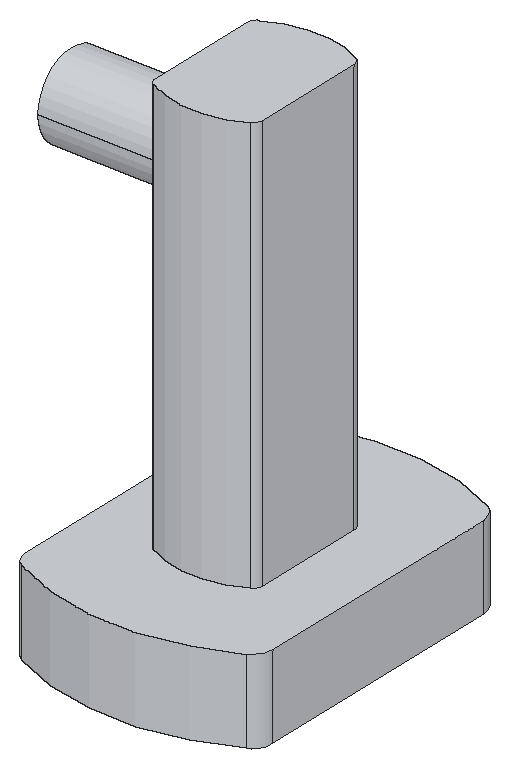
Revit family "01-2559-11 GANCHO METALICO (EVO) PORTOBELLO", category Plumbing Fixtures, host Face, Revit 2018
Family settings
  Host = Face
  Round Connector Dimension = Use Diameter
  Part Type = Normal
  OmniClass Number = 23.31.11.00
  Cut with Voids When Loaded = No
  Shared = No
  Room Calculation Point = No
Parameters (values of type "01-2559-11")
  Waste Water Outlet = ""
  Metal laton cromado = Metal Laton Cromado
  Link Ficha Tecnica = "http://infotecnica.gricol.com/FT_01255911.pdf"
  Waste Connection = 1 = 0  # no
  Vent Connection = 1 = 0  # no
  URL = "https://www.gricol.com/"
  Type Image = GANCHO METALICO (EVO) PORTOBELLO.jpg
  Product Name = "GANCHO METALICO (EVO) PORTOBELLO"  # constant formula
  Profundidad = 70.0 mm
  Ancho Soporte = 34.5 mm
  Alto Soporte = 50.0 mm
  Model = "01-2559-11"  # constant formula
  Manufacturer = "Gricol"  # constant formula
  HW Connection = 1 = 1  # yes
  Description = "Gancho "  # constant formula
  Default Elevation = 0.0 mm
  Date Modified = ""
  Date Created = "05/28/2020"  # constant formula
  Copyright = "All rights reserved © Gricol - 2020."  # constant formula
  CW Connection = 1 = 1  # yes
  Assembly Code = ""
Reference planes
  plane 1 "Center (Front/Back)": y = 0
  plane 2: z = 0
  plane 3 "Center (Left/Right)": x = 0
  plane 4: y = -24.787
  plane 5: y = 25.213
  plane 6: x = -17.25
  plane 7: x = 17.25
  plane 8: z = 70
Dimensions and locks
  "Alto Soporte": plane 4 to plane 5
  "Ancho Soporte": plane 7 to plane 6
  "Profundidad": plane 8 to level
  plane 8 to level = 70.0 mm
  aligned and locked: plane 2 to host face
  aligned and locked: level to host face
Automatic sketch dimensions
  host sketch curve to host sketch curve = 195.481 mm
  host sketch curve to host sketch curve = 152.647 mm
Nested families
  nested 1: "GANCHO METALICO (EVO) PORTOBELLO" at (0, 0.369, 0) x (-1, 0, 0) z (0, 0, 1), type "GANCHO METALICO (EVO) PORTOBELLO"
Definition of nested family "GANCHO METALICO (EVO) PORTOBELLO"
  Parameters (values of type "GANCHO METALICO (EVO) PORTOBELLO")
    Vaso Portacepillos = none
    Brazo Portacepillos = none
    Alto vaso = 95.0 mm
    Alto soporte = 70.0 mm
  Reference planes
    plane 1 "Center (Front/Back)": y = 0
    plane 2: z = 0
    plane 3 "Center (Left/Right)": x = 0
    plane 4: x = -17.25
    plane 5: z = 70
    plane 6: x = 17.25
    plane 7: y = 25.185
    plane 8: y = -24.815
  Forms (mm)
    Extrusion 1, solid
      sketch origin (15.587, 9.554, 75) x (0, -1, 0) y (0, 0, -1)
        loop
          circle (11.063, 18.085) r 5.88
      from -8.103 to 11.408
    Extrusion 2, solid
      sketch origin (12.885, 23.637, 0) x (-1, 0, 0) y (0, -1, 0)
        loop
          line (-4.365, 41.887) -> (-4.365, 5.018)
          arc (-4.365, 5.018) -> (-3.961, 3.514) -> (-2.857, 2.416) r 3
          arc (-2.857, 2.416) -> (12.885, -1.547) -> (28.628, 2.416) r 33.248
          arc (28.628, 2.416) -> (29.731, 3.514) -> (30.135, 5.018) r 3
          line (30.135, 5.018) -> (30.135, 41.887)
          arc (30.135, 41.887) -> (29.731, 43.391) -> (28.628, 44.489) r 3
          arc (28.628, 44.489) -> (12.885, 48.453) -> (-2.857, 44.489) r 33.248
          arc (-2.857, 44.489) -> (-3.961, 43.391) -> (-4.365, 41.887) r 3
      from 0 to 11.746
    Extrusion 3, solid
      sketch origin (12.885, 23.637, 0) x (-1, 0, 0) y (0, -1, 0)
        loop
          line (5.401, 31.46) -> (5.401, 15.445)
          arc (5.401, 15.445) -> (5.584, 14.763) -> (6.085, 14.265) r 1.361
          arc (6.085, 14.265) -> (12.885, 12.453) -> (19.686, 14.265) r 13.669
          arc (19.686, 14.265) -> (20.186, 14.763) -> (20.369, 15.445) r 1.361
          line (20.369, 15.445) -> (20.369, 31.46)
          arc (20.369, 31.46) -> (20.186, 32.142) -> (19.686, 32.64) r 1.361
          arc (19.686, 32.64) -> (12.885, 34.452) -> (6.085, 32.64) r 13.669
          arc (6.085, 32.64) -> (5.584, 32.142) -> (5.401, 31.46) r 1.361
      from 11.746 to 70
  Dimensions and locks
    "Alto soporte": level to plane 5
    plane 8 to plane 7 = 50.0 mm
    plane 4 to plane 6 = 34.5 mm
    aligned and locked: plane 2 to level
  Automatic sketch dimensions
    plane 1 "Center (Front/Back)" to Extrusion 1 sketch curve = 1.509 mm
    Extrusion 2 sketch curve to Extrusion 2 sketch curve = 3.0 mm  (x3)
    Extrusion 2 sketch curve to Extrusion 2 sketch curve = 14.25 mm  (x3)
    Extrusion 2 sketch curve to plane 1 "Center (Front/Back)" = 8.433 mm
    Extrusion 2 sketch curve to Extrusion 2 sketch curve = 0.0 mm
    Extrusion 2 sketch curve to Extrusion 2 sketch curve = 1.493 mm  (x2)
    Extrusion 3 sketch curve to Extrusion 3 sketch curve = 1.361 mm  (x3)
    Extrusion 3 sketch curve to Extrusion 3 sketch curve = 6.124 mm  (x3)
    Extrusion 3 sketch curve to Extrusion 3 sketch curve = 0.0 mm  (x3)
    Extrusion 3 sketch curve to plane 1 "Center (Front/Back)" = 8.192 mm  (x2)
    Extrusion 3 sketch curve to plane 1 "Center (Front/Back)" = 2.853 mm
    Extrusion 3 sketch curve to Extrusion 3 sketch curve = 5.338 mm
    Extrusion 3 sketch curve to Extrusion 3 sketch curve = 5.339 mm
    Extrusion 2 sketch curve to plane 3 "Center (Left/Right)" = 0.0 mm
    Extrusion 3 sketch curve to plane 3 "Center (Left/Right)" = 0.0 mm
    Extrusion 2 sketch curve to Extrusion 2 sketch curve = 10.186 mm  (x3)
    plane 1 "Center (Front/Back)" to Extrusion 2 sketch curve = 8.064 mm
    plane 1 "Center (Front/Back)" to Extrusion 2 sketch curve = 18.25 mm
    plane 1 "Center (Front/Back)" to Extrusion 3 sketch curve = 7.823 mm
    plane 5 to Extrusion 1 sketch curve = 13.085 mm
    radius of Extrusion 1 sketch curve = 5.88 mm
